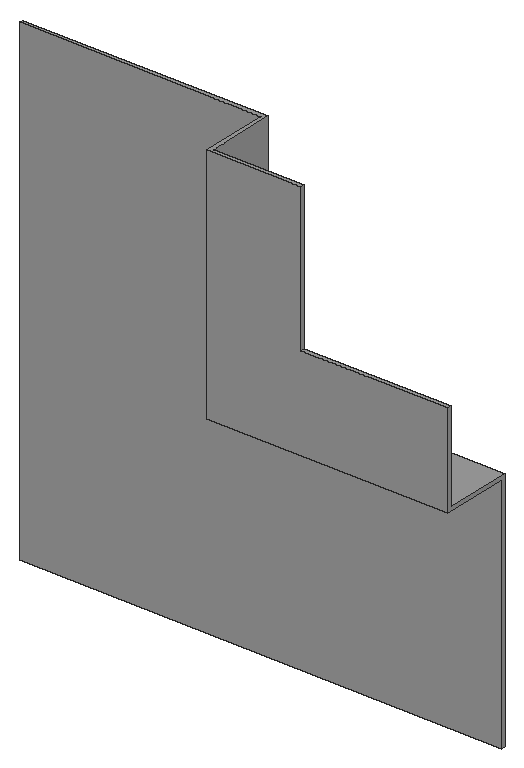
Revit family "092f0cad-87f2-480f-849b-1cf6bd3ec433", category Generic Models, Revit 2012
Parameters (values of type "As Specified")
  Unit Width = 0' - 7 1/8"
  Unit Height = 0' - 4"
  Unit Depth = 0' - 6"
  URL = "http://www.hyload.com/"
  Thickness = 0' - 0 1/16"
  Specification = "http://www.arcat.com/sdspecs/htm04/07_65_00hyl.htm"
  Sales Information = "http://www.hyload.com/contact-us"
  Revision = "R1_12-2015"
  Product Properties = "http://www.hyload.com/masonry-flashing/preformed-shapes/"
  Product Data = "http://www.arcat.com/arcatcos/cos33/arc33176.html"
  Model = "Type W5"
  Manufacturer Website = "http://www.hyload.com/"
  Manufacturer Phone - Toll Free = "800-457-4056"
  Manufacturer Phone = "330-769-3546"
  Manufacturer Fax = "330-769-4153"
  Manufacturer Address = "5020 Panther Pkwy., Seville, OH 44273"
  Manufacturer = "Hyload"
  Keynote = "07 65 00"
  Flashing Material = Hyload Flashing Membrane - Grey
  Drawn By = "Robert S. Weygant / Sumex Design"
  Description = "Preformed Hyload Masonry Flashing - Type W5"
  Copyright = "(c) ARCAT, Inc, 2015"
  Construction Details = "http://www.arcat.com/details/hyload/hyload.html?coid=33176"
  Assembly Code = "B3010400"
Reference planes (in)
  plane 1 "Center (Front/Back)": y = 0
  plane 2: z = 0
  plane 3 "Center (Left/Right)": x = 0
  plane 4: x = 4
  plane 5: z = 4
  plane 6: y = -1.125
  plane 7: z = 8
Forms (in)
  Sweep 1, solid, material "Hyload Flashing Membrane - Grey" <- "Flashing Material"
    path origin (0, 0, 0) x (1, 0, 0) y (0, 0, 1)
      loop
        line (4, 4) -> (0, 4) -> (0, 8)
    profile origin (2, 0, 4) x (0, 0, -1) y (0, -1, 0)
      loop
        line (0, 0) -> (0, 1.125) -> (-1.5625, 1.125) -> (-1.5625, 1.0625) -> (-0.0625, 1.0625) -> (-0.0625, -0.0625) -> (4, -0.0625) -> (4, 0) -> (0, 0)
Dimensions and locks (in)
  "Unit Height": plane 5 to level
  plane 1 "Center (Front/Back)" to plane 6 = 0' - 1 1/8"
  plane 7 to level = 0' - 8"
  plane 4 to plane 3 "Center (Left/Right)" = 0' - 4"
  aligned and locked: plane 2 to level
  aligned and locked: plane 3 "Center (Left/Right)" to Sweep 1 sketch curve
  aligned and locked: plane 5 to Sweep 1 sketch curve  (x2)
  aligned and locked: Sweep 1 sketch curve to plane 6
  aligned and locked: Sweep 1 sketch curve to level
  aligned and locked: plane 7 to Sweep 1 sketch curve
Automatic sketch dimensions
  profile plane to Sweep 1 sketch curve = 0' - 1 9/16"
  profile plane to Sweep 1 sketch curve = 0' - 0 1/16"
  Sweep 1 sketch curve to Sweep 1 sketch curve = 0' - 0 1/16"  (x2)
  Sweep 1 sketch curve to plane 1 "Center (Front/Back)" = 0' - 0"
  Sweep 1 sketch curve to plane 4 = 0' - 0"
